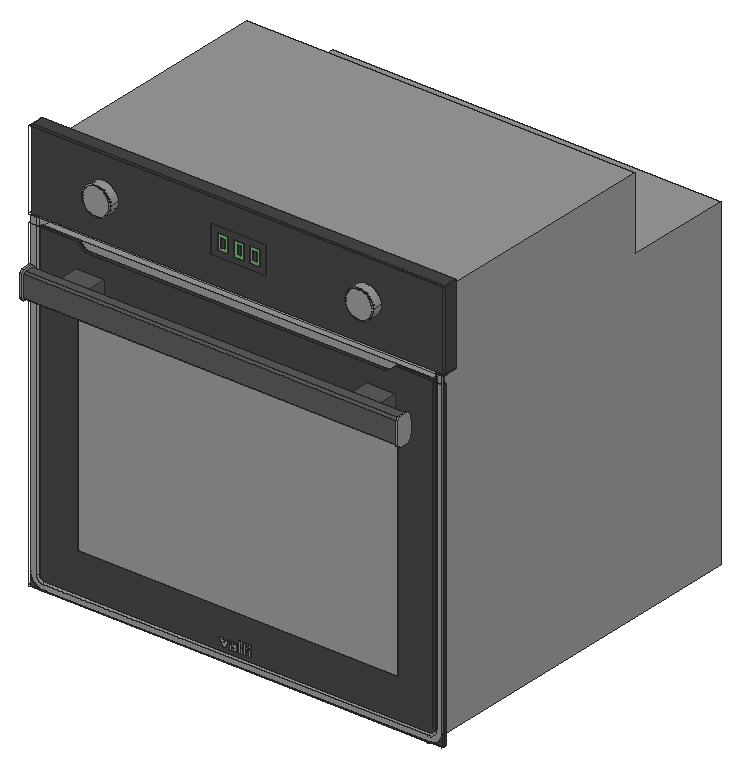
Revit family "58_E750109", category Equipos especializados, Revit 2021
Family settings
  Cota de conector redondo = Diámetro de uso
  Tipo de pieza = Normal
  Se basa en plano de trabajo = No
  Siempre vertical = Sí
  Corte con vacíos al cargar = No
  Compartido = No
  Punto de cálculo de habitación = No
Parameters (values of type "E750109")
  Volumen interior = "75 Litros"
  Voltage / Frecuencia = "220 V"
  Vidrio interior desmontable = "Easy Clean"
  URL = "www.vatti.cl"
  Tirador de puerta = "Acero Inox"
  Timer = "con Autoapagado"
  Termostato con luz indicadora = "Sí"
  Temporizador = "Sí"
  Temperatura Máxima = "250° C"
  Tamaño del producto = "598 x 598 x 555"
  Tamaño del corte en superficie = "598 x 598"
  Sello puerta = "Perimetral 100%"
  Rieles para bandejas = "Multiposición en cuerpo"
  Puerta Vidiro = Panel Vidrio
  Puerta Negro = Panel Negro
  Puerta Interior = Interior Negro
  Potencia = "2880 W"
  Peso = "32,3 Kg"
  Perilla Interior = Perilla Negro
  Perilla Exterior = Acero Inox
  Paneles = "Vidrio - Acero Inox"
  Panel Control Cubierta = Panel Vidrio
  Panel Control = Panel Negro
  Modo de Control = "Control Digital y Perillas de Presión"
  Modelo = "E750109"
  Fabricante = "Vatti"
  Luz Interior = "Sí"
  Instalación = "Empotrado"
  Grill = "Doble"
  Fondo = 55.5 cm
  Facilidad de Uso = "8 programas de cocción"
  Especificación Técnica = "Horno eléctrico empotrable, marca Vatti, modelo E750109"
  Elevación por defecto = 0 cm
  Display = "White Soft Touch Led"
  Descripción = "Horno eléctrico empotrable, marca Vatti, modelo E750109"
  Cuerpo Horno = Steel, Galvanized
  Creado por = "Unibim"
  Convección = "Forzada"
  Contacto teléfono = "+562 2 2478105"
  Contacto e-mail = "cvender@vatti.cl"
  Color Logo = Logo
  Asa Tope = Tapa Asa
  Asa Puerta de Horno = Iron, Gray
  Aprobaciones = "CE/GS/CB/SAA"
  Ancho = 59.8 cm
  Alto = 59.8 cm
  Aislación = "Triple Capa"
Reference planes (cm)
  plane 1 "Center (Front/Back)": y = 0
  plane 2: z = 0
  plane 3 "Center (Left/Right)": x = 0
  plane 4: z = 47.0672
  plane 5: y = 27.75
  plane 6: x = -29.9
  plane 7: x = 29.9
  plane 8: y = -27.75
  plane 9: x = -28.85
  plane 10: x = 28.85
  plane 11: z = 1.05
  plane 12: z = 48.0672
  plane 13: x = -28
  plane 14: x = 28
  plane 15: z = 59.8
Forms (cm)
  Extrusion 1, solid, material "Panel Vidrio" <- "Panel Control Cubierta"
    sketch origin (-91.772, -27.75, 400) x (-1, 0, 0) y (0, 0, 1)
      loop
        line (-62.022, -340.3328) -> (-121.522, -340.3328)
        arc (-121.522, -340.3328) -> (-121.628, -340.3768) -> (-121.672, -340.4828) r 0.15
        line (-121.672, -340.4828) -> (-121.672, -351.7828)
        arc (-121.672, -351.7828) -> (-121.628, -351.8889) -> (-121.522, -351.9328) r 0.15
        line (-121.522, -351.9328) -> (-62.022, -351.9328)
        arc (-62.022, -351.9328) -> (-61.9159, -351.8889) -> (-61.872, -351.7828) r 0.15
        line (-61.872, -351.7828) -> (-61.872, -340.4828)
        arc (-61.872, -340.4828) -> (-61.9159, -340.3768) -> (-62.022, -340.3328) r 0.15
    from 0 to 0.5
  Extrusion 2, solid, material "Panel Vidrio" <- "Puerta Vidiro"
    sketch origin (-91.772, -27.75, 400) x (-1, 0, 0) y (0, 0, 1)
      loop
        arc (-121.522, -352.9328) -> (-121.628, -352.9768) -> (-121.672, -353.0828) r 0.15
        line (-121.672, -353.0828) -> (-121.672, -399.85)
        arc (-121.672, -399.85) -> (-121.628, -399.9561) -> (-121.522, -400) r 0.15
        line (-121.522, -400) -> (-62.022, -400)
        arc (-62.022, -400) -> (-61.9159, -399.9561) -> (-61.872, -399.85) r 0.15
        line (-61.872, -399.85) -> (-61.872, -353.0828)
        arc (-61.872, -353.0828) -> (-61.9159, -352.9768) -> (-62.022, -352.9328) r 0.15
        line (-62.022, -352.9328) -> (-68.482, -352.9328)
        arc (-68.482, -352.9328) -> (-68.7499, -352.9861) -> (-68.977, -353.1379) r 0.7
        line (-68.977, -353.1379) -> (-69.5669, -353.7278)
        arc (-69.5669, -353.7278) -> (-69.794, -353.8796) -> (-70.0619, -353.9328) r 0.7
        line (-70.0619, -353.9328) -> (-113.482, -353.9328)
        arc (-113.482, -353.9328) -> (-113.7499, -353.8796) -> (-113.977, -353.7278) r 0.7
        line (-113.977, -353.7278) -> (-114.5669, -353.1379)
        arc (-114.5669, -353.1379) -> (-114.794, -352.9861) -> (-115.0619, -352.9328) r 0.7
        line (-115.0619, -352.9328) -> (-121.522, -352.9328)
    from 0 to 0.4
  Extrusion 3, solid, material "Panel Negro" <- "Panel Control"
    sketch origin (-91.772, -27.25, 400) x (-1, 0, 0) y (0, 0, 1)
      loop
        line (-62.022, -340.3328) -> (-121.522, -340.3328)
        arc (-121.522, -340.3328) -> (-121.628, -340.3768) -> (-121.672, -340.4828) r 0.15
        line (-121.672, -340.4828) -> (-121.672, -351.7828)
        arc (-121.672, -351.7828) -> (-121.628, -351.8889) -> (-121.522, -351.9328) r 0.15
        line (-121.522, -351.9328) -> (-62.022, -351.9328)
        arc (-62.022, -351.9328) -> (-61.9159, -351.8889) -> (-61.872, -351.7828) r 0.15
        line (-61.872, -351.7828) -> (-61.872, -340.4828)
        arc (-61.872, -340.4828) -> (-61.9159, -340.3768) -> (-62.022, -340.3328) r 0.15
      loop
        line (-87.772, -344.1328) -> (-95.772, -344.1328) -> (-95.772, -348.1328) -> (-87.772, -348.1328) -> (-87.772, -344.1328)
    from 0 to 1.8
  Extrusion 4, solid, material "Panel Negro" <- "Puerta Negro"
    sketch origin (-91.772, -27.35, 400) x (-1, 0, 0) y (0, 0, 1)
      loop
        line (-62.022, -352.9328) -> (-68.482, -352.9328)
        arc (-68.482, -352.9328) -> (-68.7499, -352.9861) -> (-68.977, -353.1379) r 0.7
        line (-68.977, -353.1379) -> (-69.5669, -353.7278)
        arc (-69.5669, -353.7278) -> (-69.794, -353.8796) -> (-70.0619, -353.9328) r 0.7
        line (-70.0619, -353.9328) -> (-113.482, -353.9328)
        arc (-113.482, -353.9328) -> (-113.7499, -353.8796) -> (-113.977, -353.7278) r 0.7
        line (-113.977, -353.7278) -> (-114.5669, -353.1379)
        arc (-114.5669, -353.1379) -> (-114.794, -352.9861) -> (-115.0619, -352.9328) r 0.7
        line (-115.0619, -352.9328) -> (-121.522, -352.9328)
        arc (-121.522, -352.9328) -> (-121.628, -352.9768) -> (-121.672, -353.0828) r 0.15
        line (-121.672, -353.0828) -> (-121.672, -399.85)
        arc (-121.672, -399.85) -> (-121.628, -399.9561) -> (-121.522, -400) r 0.15
        line (-121.522, -400) -> (-62.022, -400)
        arc (-62.022, -400) -> (-61.9159, -399.9561) -> (-61.872, -399.85) r 0.15
        line (-61.872, -399.85) -> (-61.872, -353.0828)
        arc (-61.872, -353.0828) -> (-61.9159, -352.9768) -> (-62.022, -352.9328) r 0.15
      loop
        line (-68.622, -360.9328) -> (-114.922, -360.9328) -> (-114.922, -393.25) -> (-68.622, -393.25) -> (-68.622, -360.9328)
    from 0 to 0.1
  Extrusion 5, solid, material "Interior Negro" <- "Puerta Interior"
    sketch origin (-91.772, -27.25, 400) x (-1, 0, 0) y (0, 0, 1)
      loop
        line (-68.622, -360.9328) -> (-114.922, -360.9328) -> (-114.922, -393.25) -> (-68.622, -393.25) -> (-68.622, -360.9328)
      loop
        line (-63.6864, -352.9328) -> (-119.8575, -352.9328) -> (-119.8575, -398.1)
        arc (-119.8575, -398.1) -> (-119.7885, -398.2666) -> (-119.622, -398.3356) r 0.2356
        line (-119.622, -398.3356) -> (-63.922, -398.3356)
        arc (-63.922, -398.3356) -> (-63.7554, -398.2666) -> (-63.6864, -398.1) r 0.2356
        line (-63.6864, -398.1) -> (-63.6864, -352.9328)
    from 0 to 2.04
  Extrusion 6, solid, material "Acero Inox" <- "Perilla Exterior"
    sketch origin (-91.772, -27.75, 400) x (1, 0, 0) y (0, 0, 1)
      loop
        circle (110.772, -345.7028) r 2.07
      loop
        circle (110.772, -345.7028) r 1.94
      loop
        circle (72.772, -345.7028) r 2.07
      loop
        circle (72.772, -345.7028) r 1.94
    from 0.1 to 1.4
  Extrusion 7, solid, material "Acero Inox"
    sketch origin (-91.772, -27.75, 400) x (1, 0, 0) y (0, 0, 1)
      loop
        circle (110.772, -345.7028) r 1.94
      loop
        circle (72.772, -345.7028) r 1.94
    from 0 to 1.5
  Extrusion 8, void
    sketch origin (-29.75, -25.75, 0) x (-1, 0, 0) y (0, 0, 1)
      loop
        line (-6.6, 47.0672) -> (-6.6, 48.0672) -> (-13.8, 48.0672) -> (-13.8, 47.0672) -> (-6.6, 47.0672)
      loop
        line (-50.6, 47.0672) -> (-45.4, 47.0672) -> (-45.4, 48.0672) -> (-50.6, 48.0672) -> (-50.6, 47.0672)
      loop
        line (-29.65, 47.0672) -> (-29.65, 48.0672) -> (-34.8, 48.0672) -> (-34.8, 47.0672) -> (-29.65, 47.0672)
      loop
        line (-29.55, 48.0672) -> (-29.55, 47.0672) -> (-24.4, 47.0672) -> (-24.4, 48.0672) -> (-29.55, 48.0672)
      loop
        line (-24.3, 48.0672) -> (-24.3, 47.0672) -> (-19.15, 47.0672) -> (-19.15, 48.0672) -> (-24.3, 48.0672)
      loop
        line (-19.05, 48.0672) -> (-19.05, 47.0672) -> (-13.9, 47.0672) -> (-13.9, 48.0672) -> (-19.05, 48.0672)
      loop
        line (-34.9, 47.0672) -> (-34.9, 48.0672) -> (-40.05, 48.0672) -> (-40.05, 47.0672) -> (-34.9, 47.0672)
      loop
        line (-40.15, 47.0672) -> (-40.15, 48.0672) -> (-45.3, 48.0672) -> (-45.3, 47.0672) -> (-40.15, 47.0672)
    from 0 to 1.5
  Extrusion 9, solid, material "Steel, Galvanized" <- "Cuerpo Horno"
    sketch origin (-28.85, -153.4, 86.4408) x (0, 0, 1) y (0, -1, 0)
      loop
        line (-39.4408, -178.2) -> (-39.4408, -162.75) -> (-28.8408, -162.75) -> (-28.8408, -127.85) -> (-86.4408, -127.85) -> (-86.4408, -178.2) -> (-39.4408, -178.2)
    from 0.85 to 56.85
  Extrusion 10, solid, material "Panel Interior"
    sketch origin (-91.772, -25.21, 400) x (-1, 0, 0) y (0, 0, 1)
      loop
        line (-68.622, -360.9328) -> (-114.922, -360.9328) -> (-114.922, -393.25) -> (-68.622, -393.25) -> (-68.622, -360.9328)
    from 0 to -2.12
  Sweep 11, solid, material "Interior Negro"
    path origin (-91.772, -25.75, 400) x (-1, 0, 0) y (0, 0, 1)
      loop
        line (-119.772, -351.9328) -> (-119.772, -398.1)
        arc (-119.772, -398.1) -> (-119.728, -398.2061) -> (-119.622, -398.25) r 0.15
        line (-119.622, -398.25) -> (-63.922, -398.25)
        arc (-63.922, -398.25) -> (-63.8159, -398.2061) -> (-63.772, -398.1) r 0.15
        line (-63.772, -398.1) -> (-63.772, -351.9328)
    profile origin (-28, -25.75, 24.9836) x (1, 0, 0) y (0, 1, 0)
      loop
        line (0, 0) -> (-0.0856, 0) -> (-0.7013, -1.6222)
        arc (-0.7013, -1.6222) -> (-0.7821, -1.7252) -> (-0.907, -1.7642) r 0.22
        line (-0.907, -1.7642) -> (-1.71, -1.7642)
        arc (-1.71, -1.7642) -> (-1.75, -1.8042) -> (-1.71, -1.8442) r 0.04
        line (-1.71, -1.8442) -> (-0.907, -1.8442)
        arc (-0.907, -1.8442) -> (-0.7366, -1.7911) -> (-0.6265, -1.6506) r 0.3
        line (-0.6265, -1.6506) -> (0, 0)
  Extrusion 12, solid, material "Iron, Gray" <- "Asa Puerta de Horno"
    sketch origin (0, 0, 0) x (0, 1, 0) y (0, 0, 1)
      loop
        line (-32.1, 43.7172) -> (-32.35, 43.4672) -> (-32.35, 40.3672) -> (-32.1, 40.1172) -> (-30.8, 40.1172) -> (-30.55, 40.3672)
        arc (-30.55, 40.3672) -> (-30.3563, 41.9172) -> (-30.55, 43.4672) r 6.3
        line (-30.55, 43.4672) -> (-30.8, 43.7172) -> (-32.1, 43.7172)
    from -27 to 27
  Extrusion 13, solid, material "Iron, Gray" <- "Asa Puerta de Horno"
    sketch origin (-91.772, -27.75, 400) x (-1, 0, 0) y (0, 0, 1)
      loop
        line (-68.772, -356.5328) -> (-72.772, -356.5328) -> (-72.772, -359.6328) -> (-68.772, -359.6328) -> (-68.772, -356.5328)
      loop
        line (-114.772, -356.5328) -> (-114.772, -359.6328) -> (-110.772, -359.6328) -> (-110.772, -356.5328) -> (-114.772, -356.5328)
    from 0 to -3.1064
  Blend 14, solid, material "Steel, Galvanized" <- "Cuerpo Horno"
    base sketch origin (-28.85, 24.8, 0) x (0, 0, 1) y (1, 0, 0)
      loop
        line (44, 8.85) -> (44, 48.85)
        arc (44, 48.85) -> (42.5355, 52.3855) -> (39, 53.85) r 5
        line (39, 53.85) -> (8, 53.85)
        arc (8, 53.85) -> (4.4645, 52.3855) -> (3, 48.85) r 5
        line (3, 48.85) -> (3, 8.85)
        arc (3, 8.85) -> (4.4645, 5.3145) -> (8, 3.85) r 5
        line (8, 3.85) -> (39, 3.85)
        arc (39, 3.85) -> (42.5355, 5.3145) -> (44, 8.85) r 5
    top sketch origin (-28.85, 24.8, 0) x (0, 0, 1) y (1, 0, 0)
      loop
        line (41, 8.85) -> (41, 48.85)
        arc (41, 48.85) -> (40.4142, 50.2642) -> (39, 50.85) r 2
        line (39, 50.85) -> (8, 50.85)
        arc (8, 50.85) -> (6.5858, 50.2642) -> (6, 48.85) r 2
        line (6, 48.85) -> (6, 8.85)
        arc (6, 8.85) -> (6.5858, 7.4358) -> (8, 6.85) r 2
        line (8, 6.85) -> (39, 6.85)
        arc (39, 6.85) -> (40.4142, 7.4358) -> (41, 8.85) r 2
    from 0 to 2.95
  Extrusion 15, solid, material "Panel Negro" <- "Panel Control"
    sketch origin (-28.85, 9.35, 47) x (0, 0, 1) y (1, 0, 0)
      loop
        line (8.1, 41.85) -> (8.1, 50.85) -> (2.5, 50.85) -> (2.5, 41.85) -> (8.1, 41.85)
    from 0 to 3
  Extrusion 16, solid, material "Tapa Asa" <- "Asa Tope"
    sketch origin (-27, 0, 0) x (0, -1, 0) y (0, 0, 1)
      loop
        line (30.7172, 43.9172) -> (30.37, 43.57)
        arc (30.37, 43.57) -> (30.1563, 41.9172) -> (30.37, 40.2643) r 6.5
        line (30.37, 40.2643) -> (30.7172, 39.9172) -> (32.1828, 39.9172) -> (32.55, 40.2843) -> (32.55, 43.55) -> (32.1828, 43.9172) -> (30.7172, 43.9172)
    from 0 to 0.3
  Extrusion 17, solid, material "Tapa Asa" <- "Asa Tope"
    sketch origin (27, 0, 0) x (0, -1, 0) y (0, 0, -1)
      loop
        line (30.7172, -43.9172) -> (32.1828, -43.9172) -> (32.55, -43.55) -> (32.55, -40.2843) -> (32.1828, -39.9172) -> (30.7172, -39.9172) -> (30.37, -40.2643)
        arc (30.37, -40.2643) -> (30.1563, -41.9172) -> (30.37, -43.57) r 6.5
        line (30.37, -43.57) -> (30.7172, -43.9172)
    from 0 to 0.3
  Extrusion 18, solid, material "Panel Negro" <- "Panel Control"
    sketch origin (-91.772, -27.75, 400) x (1, 0, 0) y (0, 0, 1)
      loop
        line (87.772, -344.1328) -> (87.772, -348.1328) -> (95.772, -348.1328) -> (95.772, -344.1328) -> (87.772, -344.1328)
      loop
        line (88.765, -345.0589) -> (88.765, -347.2835) -> (90.265, -347.2835) -> (90.265, -345.0589) -> (88.765, -345.0589)
      loop
        line (91.1463, -345.0589) -> (91.1463, -347.2835) -> (92.619, -347.2835) -> (92.619, -345.0589) -> (91.1463, -345.0589)
      loop
        line (93.4023, -345.0589) -> (93.4023, -347.2835) -> (94.8749, -347.2835) -> (94.8749, -345.0589) -> (93.4023, -345.0589)
      loop
        line (94.3749, -345.5589) -> (93.9023, -345.5589) -> (93.9023, -346.7835) -> (94.3749, -346.7835) -> (94.3749, -345.5589)
      loop
        line (91.6463, -345.5589) -> (91.6463, -346.7835) -> (92.119, -346.7835) -> (92.119, -345.5589) -> (91.6463, -345.5589)
      loop
        line (89.765, -345.5589) -> (89.265, -345.5589) -> (89.265, -346.7835) -> (89.765, -346.7835) -> (89.765, -345.5589)
    from -2.3 to -0.5
  Extrusion 19, solid, material "led"
    sketch origin (-91.772, -27.75, 400) x (1, 0, 0) y (0, 0, 1)
      loop
        line (88.765, -345.0589) -> (88.765, -347.2835) -> (90.265, -347.2835) -> (90.265, -345.0589) -> (88.765, -345.0589)
      loop
        line (91.1463, -345.0589) -> (91.1463, -347.2835) -> (92.619, -347.2835) -> (92.619, -345.0589) -> (91.1463, -345.0589)
      loop
        line (93.4023, -345.0589) -> (93.4023, -347.2835) -> (94.8749, -347.2835) -> (94.8749, -345.0589) -> (93.4023, -345.0589)
      loop
        line (94.3749, -345.5589) -> (93.9023, -345.5589) -> (93.9023, -346.7835) -> (94.3749, -346.7835) -> (94.3749, -345.5589)
      loop
        line (91.6463, -345.5589) -> (91.6463, -346.7835) -> (92.119, -346.7835) -> (92.119, -345.5589) -> (91.6463, -345.5589)
      loop
        line (89.765, -345.5589) -> (89.265, -345.5589) -> (89.265, -346.7835) -> (89.765, -346.7835) -> (89.765, -345.5589)
    from -2.3 to -0.5
Cuts and joins
  Extrusion 8 cuts Extrusion 9
  joined: Extrusion 9, Blend 14
  joined: Extrusion 12, Extrusion 13
Dimensions and locks (cm)
  equal spacing: plane 6, plane 3 "Center (Left/Right)", plane 7
  equal spacing: plane 5, plane 1 "Center (Front/Back)", plane 8
  "Fondo": plane 5 to plane 8
  "Ancho": plane 6 to plane 7
  plane 9 to plane 6 = 1.05 cm
  plane 7 to plane 10 = 1.05 cm
  plane 11 to level = 1.05 cm
  plane 4 to level = 47.0672 cm
  plane 12 to plane 4 = 1 cm
  "Alto": plane 15 to level
  aligned and locked: level to plane 2
  aligned and locked: plane 4 to Extrusion 2
Automatic sketch dimensions
  Extrusion 1 sketch curve to plane 7 = 0 cm
  Extrusion 1 sketch curve to plane 12 = 0 cm
  Extrusion 1 sketch curve to plane 6 = 0 cm
  Extrusion 1 sketch curve to Extrusion 1 sketch curve = 0.15 cm  (x2)
  plane 6 to Extrusion 1 sketch curve = 0.15 cm  (x2)
  Extrusion 1 sketch curve to plane 15 = 0.2828 cm
  Extrusion 2 sketch curve to plane 7 = 0 cm
  Extrusion 2 sketch curve to plane 4 = 0 cm  (x2)
  Extrusion 2 sketch curve to level = 0 cm
  Extrusion 2 sketch curve to plane 6 = 0 cm
  Extrusion 2 sketch curve to plane 7 = 0.15 cm
  level to Extrusion 2 sketch curve = 0.15 cm
  plane 14 to Extrusion 2 sketch curve = 4.7101 cm
  Extrusion 2 sketch curve to plane 4 = 0.205 cm  (x2)
  Extrusion 2 sketch curve to Extrusion 2 sketch curve = 0.495 cm  (x3)
  Extrusion 2 sketch curve to plane 4 = 0.795 cm  (x2)
  Extrusion 2 sketch curve to Extrusion 2 sketch curve = 0.5899 cm  (x2)
  Extrusion 2 sketch curve to plane 4 = 0.3 cm  (x2)
  Extrusion 2 sketch curve to plane 13 = 6.2899 cm
  plane 6 to Extrusion 2 sketch curve = 0.15 cm
  Extrusion 2 sketch curve to Extrusion 2 sketch curve = 0.15 cm
  Extrusion 2 to Extrusion 4 sketch curve = 0 cm
  Extrusion 4 sketch curve to Extrusion 2 = 0 cm
  Extrusion 4 sketch curve to Extrusion 4 sketch curve = 0.15 cm
  Extrusion 2 to Extrusion 4 sketch curve = 0.3 cm
  Extrusion 4 sketch curve to Extrusion 2 = 6.75 cm  (x3)
  Extrusion 4 sketch curve to Extrusion 2 = 0.205 cm  (x2)
  Extrusion 2 to Extrusion 4 sketch curve = 0.205 cm  (x2)
  Extrusion 4 sketch curve to Extrusion 2 = 0.3 cm
  Extrusion 4 sketch curve to Extrusion 2 = 0.15 cm
  Extrusion 4 sketch curve to Extrusion 2 = 7 cm
  Extrusion 5 sketch curve to Extrusion 4 = 0 cm  (x5)
  Extrusion 5 sketch curve to Extrusion 4 = 2.05 cm  (x2)
  Extrusion 5 sketch curve to Extrusion 4 = 1.8144 cm
  Extrusion 5 sketch curve to Extrusion 5 sketch curve = 0.2356 cm
  Extrusion 5 sketch curve to Extrusion 4 = 1.9 cm
  Extrusion 6 sketch curve to Extrusion 6 sketch curve = 0 cm  (x4)
  Extrusion 6 sketch curve to Extrusion 1 = 5.37 cm  (x2)
  Extrusion 6 sketch curve to Extrusion 1 = 10.9 cm  (x2)
  Extrusion 7 sketch curve to Extrusion 1 = 5.37 cm  (x2)
  Extrusion 7 sketch curve to Extrusion 1 = 10.9 cm  (x2)
  Extrusion 7 sketch curve to Extrusion 7 sketch curve = 1.94 cm  (x2)
  Extrusion 8 sketch curve to plane 4 = 0 cm  (x8)
  Extrusion 8 sketch curve to plane 12 = 0 cm  (x8)
  plane 14 to Extrusion 8 sketch curve = 7.15 cm
  Extrusion 8 sketch curve to Extrusion 8 sketch curve = 5.2 cm
  Extrusion 8 sketch curve to Extrusion 8 sketch curve = 0.1 cm  (x7)
  Extrusion 8 sketch curve to Extrusion 8 sketch curve = 5.15 cm  (x5)
  Extrusion 8 sketch curve to plane 3 "Center (Left/Right)" = 0.1 cm
  Extrusion 8 sketch curve to plane 13 = 4.85 cm
  Extrusion 9 sketch curve to level = 0 cm
  Extrusion 9 sketch curve to plane 4 = 0.0672 cm
  Extrusion 9 sketch curve to plane 15 = 2.2 cm
  Extrusion 9 sketch curve to plane 5 = 2.95 cm
  Extrusion 9 sketch curve to plane 1 "Center (Front/Back)" = 9.35 cm
  plane 8 to Extrusion 9 sketch curve = 2.2 cm
  Extrusion 10 sketch curve to Extrusion 5 = 0 cm  (x4)
  plane 14 to Sweep 11 sketch curve = 0 cm
  Sweep 11 sketch curve to plane 12 = 0 cm  (x2)
  plane 13 to Sweep 11 sketch curve = 0 cm
  plane 14 to Sweep 11 sketch curve = 0.15 cm
  Sweep 11 sketch curve to Sweep 11 sketch curve = 0.15 cm
  plane 11 to Sweep 11 sketch curve = 0.85 cm
  Sweep 11 sketch curve to Sweep 11 sketch curve = 0 cm  (x2)
  Sweep 11 sketch curve to profile plane = 0 cm  (x2)
  Sweep 11 sketch curve to Sweep 11 sketch curve = 0.0856 cm
  profile plane to Sweep 11 sketch curve = 0.6265 cm
  Sweep 11 sketch curve to Sweep 11 sketch curve = 0.0748 cm
  Sweep 11 sketch curve to Sweep 11 sketch curve = 0.2057 cm
  Sweep 11 sketch curve to Sweep 11 sketch curve = 0.803 cm
  Sweep 11 sketch curve to profile plane = 1.5442 cm
  Sweep 11 sketch curve to Sweep 11 sketch curve = 0.0781 cm
  Sweep 11 sketch curve to Sweep 11 sketch curve = 0.0284 cm
  Extrusion 12 sketch curve to plane 8 = 8.9063 cm
  Extrusion 12 sketch curve to Extrusion 12 sketch curve = 4.3063 cm
  Extrusion 12 sketch curve to Extrusion 12 sketch curve = 0.25 cm  (x7)
  Extrusion 12 sketch curve to Extrusion 12 sketch curve = 1.3 cm  (x2)
  Extrusion 12 sketch curve to plane 4 = 6.95 cm
  Extrusion 12 sketch curve to Extrusion 12 sketch curve = 1.55 cm
  Extrusion 12 sketch curve to Extrusion 12 sketch curve = 0 cm
  plane 14 to Extrusion 13 sketch curve = 5 cm
  Extrusion 13 sketch curve to Extrusion 13 sketch curve = 4 cm  (x2)
  Extrusion 13 sketch curve to plane 4 = 3.6 cm  (x2)
  Extrusion 13 sketch curve to plane 13 = 9 cm
  Extrusion 13 sketch curve to Extrusion 13 sketch curve = 3.1 cm  (x2)
  Blend 14 sketch curve to Extrusion 9 = 3 cm
  Extrusion 9 to Blend 14 sketch curve = 3 cm  (x3)
  Blend 14 sketch curve to Blend 14 sketch curve = 5 cm  (x2)
  Extrusion 9 to Blend 14 sketch curve = 8 cm  (x5)
  Blend 14 sketch curve to Extrusion 9 = 6 cm
  Blend 14 sketch curve to Blend 14 sketch curve = 2 cm  (x3)
  Extrusion 9 to Blend 14 sketch curve = 6 cm
  Extrusion 9 to Extrusion 15 sketch curve = 2.5 cm  (x2)
  Extrusion 9 to Extrusion 15 sketch curve = 15 cm
  Extrusion 9 to Extrusion 15 sketch curve = 6 cm
  Extrusion 12 to Extrusion 16 sketch curve = 0.2 cm  (x3)
  Extrusion 16 sketch curve to Extrusion 12 = 0.1672 cm  (x4)
  Extrusion 16 sketch curve to Extrusion 16 sketch curve = 1.4657 cm  (x2)
  Extrusion 16 sketch curve to Extrusion 12 = 0.1471 cm  (x2)
  Extrusion 17 sketch curve to plane 8 = 2.62 cm  (x2)
  Extrusion 17 sketch curve to Extrusion 17 sketch curve = 0.3471 cm  (x4)
  Extrusion 17 sketch curve to Extrusion 17 sketch curve = 1.4657 cm  (x2)
  Extrusion 17 sketch curve to Extrusion 17 sketch curve = 0.3672 cm  (x2)
  Extrusion 17 sketch curve to Extrusion 17 sketch curve = 4.1063 cm
  Extrusion 17 sketch curve to plane 4 = 3.15 cm
  Extrusion 17 sketch curve to Extrusion 17 sketch curve = 1.6328 cm
  Extrusion 17 sketch curve to Extrusion 17 sketch curve = 0.02 cm
  Extrusion 3 sketch curve to Extrusion 1 = 0.15 cm  (x2)
  Extrusion 3 sketch curve to Extrusion 1 = 3.8 cm  (x2)
  Extrusion 3 sketch curve to Extrusion 1 = 25.9 cm
  Extrusion 3 sketch curve to Extrusion 3 sketch curve = 8 cm
  Extrusion 18 sketch curve to Extrusion 1 = 3.8 cm
  Extrusion 18 sketch curve to Extrusion 1 = 25.9 cm
  Extrusion 18 sketch curve to Extrusion 18 sketch curve = 0.9931 cm
  Extrusion 18 sketch curve to Extrusion 18 sketch curve = 0.8813 cm
  Extrusion 18 sketch curve to Extrusion 18 sketch curve = 1.4726 cm
  Extrusion 18 sketch curve to Extrusion 18 sketch curve = 0.7833 cm
  Extrusion 18 sketch curve to Extrusion 18 sketch curve = 0.897 cm
  Extrusion 18 sketch curve to Extrusion 18 sketch curve = 0.8493 cm  (x2)
  Extrusion 18 sketch curve to Extrusion 18 sketch curve = 0 cm
  Extrusion 18 sketch curve to Extrusion 18 sketch curve = 2.2246 cm  (x3)
  Extrusion 18 sketch curve to Extrusion 18 sketch curve = 0.9261 cm
  Extrusion 18 sketch curve to Extrusion 18 sketch curve = 0.5 cm  (x13)
  Extrusion 18 sketch curve to Extrusion 18 sketch curve = 0.4726 cm
  Extrusion 19 sketch curve to Extrusion 19 sketch curve = 0.5 cm  (x13)
  Extrusion 19 sketch curve to Extrusion 19 sketch curve = 0.8813 cm
  Extrusion 19 sketch curve to Extrusion 19 sketch curve = 0.4726 cm  (x2)
  Extrusion 19 sketch curve to Extrusion 19 sketch curve = 0.7833 cm
  Extrusion 19 sketch curve to Extrusion 19 sketch curve = 0 cm  (x2)
  Extrusion 19 sketch curve to Extrusion 19 sketch curve = 1.2246 cm  (x3)
  Extrusion 19 sketch curve to Extrusion 1 = 4.6493 cm
  Extrusion 19 sketch curve to Extrusion 1 = 26.8931 cm
  radius of Extrusion 4 sketch curve to Extrusion 2 = 0 cm  (x4)
  radius of Extrusion 6 sketch curve = 2.07 cm  (x2)
  radius of Extrusion 6 sketch curve = 1.94 cm  (x2)
  radius of Extrusion 12 to Extrusion 16 sketch curve = 0.2 cm
  radius of Extrusion 3 sketch curve to Extrusion 1 = 0 cm  (x2)
Nested families (cm)
  nested 1: "Logo Plano" at (0, -27.75, 2.9579) x (1, 0, 0) z (0, -1, 0), type "Logo Plano"
Connectors (cm)
  electrical at (17.5, 12.35, 52.3)
    settings: on Extrusion 15, index 1, voltage 220 V, apparent load 0 VA, apparent load phase1 0 VA, apparent load phase2 0 VA, apparent load phase3 0 VA, power factor 1, load classification "Other", number of poles 1, system type 31, power factor state 1, is connector primary yes, connector utility no, sub classification motor no, connector description ""
Definition of nested family "Logo Plano"
  Parameters (values of type "Logo Plano")
    Default Elevation = 121.92 cm
    Color Logo = none
  Reference planes (cm)
    plane 1 "Center (Front/Back)": y = 0
    plane 2: z = 0
    plane 3 "Center (Left/Right)": x = 0
  Forms (cm)
    Extrusion 1, solid
      sketch origin (0, 0, 0) x (1, 0, 0) y (0, 1, 0)
        loop
          line (-121.92, 121.92) -> (-121.92, -121.92) -> (121.92, -121.92) -> (121.92, 121.92) -> (-121.92, 121.92)
      from 0 to -30.48
    Extrusion 2, solid, material <- "Color Logo"
      sketch origin (0, 0, 0) x (1, 0, 0) y (0, 1, 0)
        loop
          line (1.8947, 0.6129) -> (1.8947, 0.3229) -> (2.2247, 0.3229) -> (2.2247, 0.6129) -> (1.8947, 0.6129)
        loop
          line (1.8947, -0.873) -> (2.2247, -0.873) -> (2.2247, 0.1687) -> (1.8947, 0.1687) -> (1.8947, -0.873)
        loop
          line (1.2047, 0.6129) -> (1.2047, -0.773)
          arc (1.2047, -0.773) -> (1.2339, -0.8437) -> (1.3047, -0.873) r 0.1
          line (1.3047, -0.873) -> (1.5347, -0.873) -> (1.5347, -0.1313) -> (1.7247, -0.1313) -> (1.7247, 0.1687) -> (1.5347, 0.1687) -> (1.5347, 0.6129) -> (1.2047, 0.6129)
        loop
          line (0.4944, 0.6129) -> (0.4944, -0.773)
          arc (0.4944, -0.773) -> (0.5236, -0.8437) -> (0.5944, -0.873) r 0.1
          line (0.5944, -0.873) -> (0.8244, -0.873) -> (0.8244, -0.1313) -> (1.0144, -0.1313) -> (1.0144, 0.1687) -> (0.8244, 0.1687) -> (0.8244, 0.6129) -> (0.4944, 0.6129)
        loop
          line (0.0962, 0.1687) -> (-0.6704, 0.1687) -> (-0.7785, -0.063) -> (-0.1838, -0.063)
          arc (-0.1838, -0.063) -> (-0.1484, -0.0777) -> (-0.1338, -0.113) r 0.05
          line (-0.1338, -0.113) -> (-0.1338, -0.233) -> (-0.7438, -0.233)
          arc (-0.7438, -0.233) -> (-0.8145, -0.2623) -> (-0.8438, -0.333) r 0.1
          line (-0.8438, -0.333) -> (-0.8438, -0.773)
          arc (-0.8438, -0.773) -> (-0.8145, -0.8437) -> (-0.7438, -0.873) r 0.1
          line (-0.7438, -0.873) -> (0.0962, -0.873)
          arc (0.0962, -0.873) -> (0.1669, -0.8437) -> (0.1962, -0.773) r 0.1
          line (0.1962, -0.773) -> (0.1962, 0.0687)
          arc (0.1962, 0.0687) -> (0.1669, 0.1394) -> (0.0962, 0.1687) r 0.1
        loop
          line (-0.1838, -0.468) -> (-0.4538, -0.468)
          arc (-0.4538, -0.468) -> (-0.4891, -0.4827) -> (-0.5038, -0.518) r 0.05
          line (-0.5038, -0.518) -> (-0.5038, -0.598)
          arc (-0.5038, -0.598) -> (-0.4891, -0.6334) -> (-0.4538, -0.648) r 0.05
          line (-0.4538, -0.648) -> (-0.1838, -0.648)
          arc (-0.1838, -0.648) -> (-0.1484, -0.6334) -> (-0.1338, -0.598) r 0.05
          line (-0.1338, -0.598) -> (-0.1338, -0.518)
          arc (-0.1338, -0.518) -> (-0.1484, -0.4827) -> (-0.1838, -0.468) r 0.05
        loop
          line (-1.8848, 0.1687) -> (-2.2224, 0.1687) -> (-1.7934, -0.7357)
          arc (-1.7934, -0.7357) -> (-1.5765, -0.8728) -> (-1.3597, -0.7357) r 0.24
          line (-1.3597, -0.7357) -> (-0.9307, 0.1687) -> (-1.2682, 0.1687) -> (-1.5765, -0.4812) -> (-1.8848, 0.1687)
      from 0 to 0.1
    Extrusion 3, void
      sketch origin (0, 0, 0) x (1, 0, 0) y (0, 1, 0)
        loop
          line (-2.5564, 1.2198) -> (-2.5564, -1.2802) -> (2.6825, -1.2802) -> (2.6825, 1.2198) -> (-2.5564, 1.2198)
      from 0.02 to 0.1
  Cuts and joins
    Extrusion 3 cuts Extrusion 2
  Dimensions and locks (cm)
    aligned and locked: plane 2 to Extrusion 1
    aligned and locked: level to Extrusion 1
